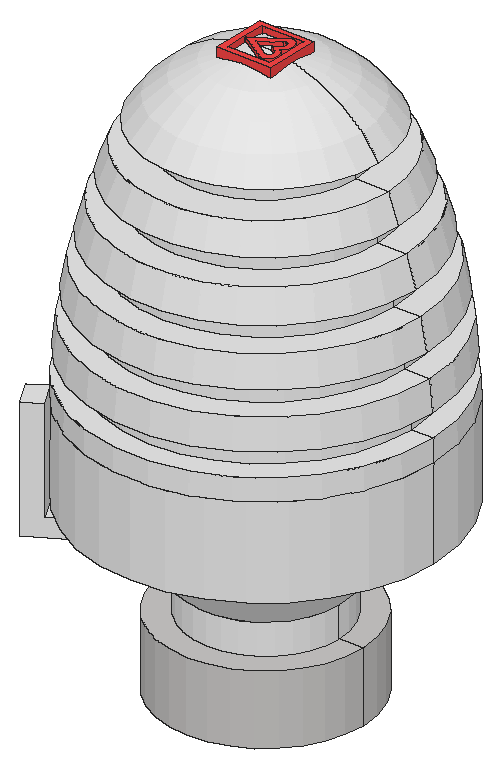
Revit family "HERZ-Design-Thermostatic Sensor M28x1.5 9230", category Rohrzubehör, Revit 2019
Family settings
  Bemaßung runder Anschluss = Durchmesser verwenden
  Teiletyp = Normal
  OmniClass-Nummer = 23.65.55.14
  OmniClass-Titel = Valves for Liquid Services
  Arbeitsebenenbasiert = Nein
  Immer vertikal = Nein
  Beim Laden mit Abzugskörper schneiden = Nein
  Gemeinsam genutzt = Nein
Parameters
  URL = "www.herzvalves.com"
  Part number = 1923006  # constant formula
  Operation = "The HERZ thermostat serves as a room temperature sensing and control unit.\r\nThe change in volume of the liquid contained in the hydrosensor actuates the valve spindle."
  Model = "Radiator Thermostat With Hydrosensor (liquid filled)\r\nWith shutoff (0) postion, adjustable frost release, limitation and locking of selected temperature range, handwheel white."
  Frost protection setpoint range = "6-30°C"  # constant formula
  Set value range = "0-30°C"  # constant formula
  S02 = 60.000 mm  # constant formula
  S01 = 90.000 mm  # constant formula
  Hersteller = "HERZ Armaturen Ges.m.b.H."  # constant formula
  Hand wheel = "plastic, white"  # constant formula
  Frost protection = 6 °C  # constant formula
  Application = "Suitable for mounting on all HERZ thermostatic valves."
Reference planes
  plane 1 "Mitte (Vorne/hinten)": y = 0
  plane 2: z = 0
  plane 3 "Mitte (Links/rechts)": x = 0
Forms (mm)
  Revolve 1, solid, material "Kunststoff weiß", detail levels fine
    sketch origin (0, 0, 0) x (1, 0, 0) y (0, 0, 1)
      loop
        line (0, 0) -> (0, 90)
        arc (0, 90) -> (-10.767, 87.197) -> (-18.8, 79.5) r 22.08
        arc (-18.8, 79.5) -> (-25.672, 59.356) -> (-28, 38.2) r 97.301
        line (-28, 38.2) -> (-28, 23.2) -> (-23.25, 23.2) -> (-23.25, 20.5) -> (-20.4, 20.5) -> (-20.4, 19.7) -> (-12.2, 11.5) -> (-12.2, 4.8) -> (-13.2, 4.8) -> (-13.2, 0) -> (0, 0)
      axis (0, 90) -> (0, 0)
    angle from 0 to 360
  Extrusion 2, solid, material "Kunststoff weiß", detail levels fine
    sketch origin (0, 0, 0) x (0.866025, 0.5, 0) y (0, 0, 1)
      loop
        line (-28.5, 36.04) -> (-31.75, 36.04) -> (-31.75, 16.2) -> (-20.85, 16.2) -> (-20.85, 20.5) -> (-23.25, 20.5) -> (-23.25, 21.5) -> (-24.578, 19.2) -> (-28.5, 19.2) -> (-28.5, 36.04)
    from 2.5 to -2.5
  Extrusion 3, solid, material "Kunststoff weiß", detail levels fine
    sketch origin (0, 0, 0) x (0, 1, 0) y (0, 0, 1)
      loop
        arc (0.75, 19.2) -> (1.987, 19.713) -> (2.5, 20.95) r 1.75
        line (2.5, 20.95) -> (2.5, 32.2) -> (-2.5, 32.2) -> (-2.5, 20.95)
        arc (-2.5, 20.95) -> (-1.987, 19.713) -> (-0.75, 19.2) r 1.75
        line (-0.75, 19.2) -> (0.75, 19.2)
    from 0 to -31.5
  Revolve 4, solid, material "Messing verzinkt", detail levels fine
    sketch origin (0, 0, 0) x (1, 0, 0) y (0, 0, 1)
      loop
        line (0, 0) -> (0, 6.5) -> (-16.25, 6.5) -> (-16.25, -5) -> (-14, -5) -> (-14, 0) -> (0, 0)
      axis (0, 6.5) -> (0, -5)
    angle from 0 to 360
  Revolve 5, void
    sketch origin (0, 0, 0) x (1, 0, 0) y (0, 0, 1)
      loop
        arc (-18.8, 79.5) -> (-19.64, 77.659) -> (-20.442, 75.8) r 97.301
        line (-20.442, 75.8) -> (-14.951, 75.8) -> (-14.951, 79.5) -> (-18.8, 79.5)
      loop
        line (-27.933, 41.8) -> (-24.226, 41.8) -> (-24.226, 45.5) -> (-27.726, 45.5)
        arc (-27.726, 45.5) -> (-27.847, 43.651) -> (-27.933, 41.8) r 97.301
      loop
        arc (-22.197, 71.3) -> (-22.843, 69.456) -> (-23.452, 67.6) r 97.301
        line (-23.452, 67.6) -> (-18.697, 67.6) -> (-18.697, 71.3) -> (-22.197, 71.3)
      loop
        arc (-24.865, 62.7) -> (-25.326, 60.854) -> (-25.751, 59) r 97.301
        line (-25.751, 59) -> (-21.365, 59) -> (-21.365, 62.7) -> (-24.865, 62.7)
      loop
        arc (-26.692, 54.1) -> (-26.98, 52.253) -> (-27.232, 50.4) r 97.301
        line (-27.232, 50.4) -> (-23.192, 50.4) -> (-23.192, 54.1) -> (-26.692, 54.1)
      axis (0, 79.5) -> (0, 41.8)
    angle from 0 to 360
Cuts and joins
  Revolve 5 cuts Revolve 1
Lines and regions (mm)
  model lines, detail levels coarse+medium
    curve 1: line (0, 0, 0) -> (0, 0, 30)
    curve 2: line (0, 0, 0) -> (30, 0, 0)
    curve 3: circle (0, 0, 60) r 30 normal (0, -1, 0)
    curve 4: circle (0, 0, 60) r 30 normal (1, 0, 0)
    curve 5: line (0, 0, 40) -> (0, 0, 80)
    curve 6: line (0, 17.5, 80) -> (0, -17.5, 80)
    curve 7: line (0, 0, 40) -> (0, 0, 80)
    curve 8: line (-17.5, 0, 80) -> (17.5, 0, 80)
    curve 9: circle (60, 0, 0) r 30 normal (0, 0, 1)
    curve 10: line (40, 0, 0) -> (80, 0, 0)
    curve 11: line (80, 17.5, 0) -> (80, -17.5, 0)
Dimensions and locks
  nested 1 to plane 2 = 89.000 mm
  "S01": curve 4 to plane 2
  "S01": curve 3 to plane 2
  "S01": plane 3 "Mitte (Links/rechts)" to curve 9
  "S02": diameter of curve 3
  "S02": diameter of curve 4
  "S02": diameter of curve 9
  aligned and locked: level to plane 2
Automatic sketch dimensions
  Revolve 1 sketch curve to level = 0.000 mm
  Revolve 1 sketch curve to plane 3 "Mitte (Links/rechts)" = 0.000 mm  (x2)
  Revolve 1 sketch curve to plane 3 "Mitte (Links/rechts)" = 12.200 mm
  Revolve 1 sketch curve to Revolve 1 sketch curve = 1.000 mm
  Revolve 1 sketch curve to Revolve 1 sketch curve = 8.200 mm  (x2)
  Revolve 1 sketch curve to Revolve 1 sketch curve = 2.850 mm
  Revolve 1 sketch curve to Revolve 1 sketch curve = 4.750 mm
  plane 3 "Mitte (Links/rechts)" to Revolve 1 sketch curve = 69.301 mm
  level to Revolve 1 sketch curve = 4.800 mm
  Revolve 1 sketch curve to Revolve 1 sketch curve = 6.700 mm
  Revolve 1 sketch curve to Revolve 1 sketch curve = 0.800 mm
  Revolve 1 sketch curve to Revolve 1 sketch curve = 2.700 mm
  Revolve 1 sketch curve to Revolve 1 sketch curve = 15.000 mm
  Revolve 1 sketch curve to Revolve 1 sketch curve = 29.720 mm
  Revolve 1 sketch curve to Revolve 1 sketch curve = 22.080 mm
  Revolve 1 sketch curve to level = 366.045 mm
  Revolve 1 sketch curve to Revolve 1 sketch curve = 0.000 mm
  level to Extrusion 2 sketch curve = 36.040 mm
  Extrusion 2 sketch curve to Extrusion 2 sketch curve = 3.250 mm
  Extrusion 2 sketch curve to Extrusion 2 sketch curve = 3.922 mm
  level to Extrusion 2 sketch curve = 21.500 mm
  Extrusion 2 sketch curve to Extrusion 2 sketch curve = 1.328 mm
  Extrusion 2 sketch curve to Extrusion 2 sketch curve = 3.728 mm
  Extrusion 2 sketch curve to Extrusion 2 sketch curve = 1.000 mm
  Extrusion 2 sketch curve to Extrusion 2 sketch curve = 1.300 mm
  Extrusion 2 sketch curve to Extrusion 2 sketch curve = 3.000 mm
  plane 1 "Mitte (Vorne/hinten)" to Extrusion 3 sketch curve = 2.500 mm
  plane 1 "Mitte (Vorne/hinten)" to Extrusion 3 sketch curve = 0.750 mm
  Extrusion 3 sketch curve to plane 1 "Mitte (Vorne/hinten)" = 0.750 mm
  Extrusion 3 sketch curve to plane 1 "Mitte (Vorne/hinten)" = 2.500 mm
  level to Extrusion 3 sketch curve = 19.200 mm
  Extrusion 3 sketch curve to Extrusion 3 sketch curve = 11.250 mm
  Revolve 4 sketch curve to level = 0.000 mm
  Revolve 4 sketch curve to plane 3 "Mitte (Links/rechts)" = 0.000 mm  (x2)
  Revolve 4 sketch curve to level = 5.000 mm
  Revolve 4 sketch curve to plane 3 "Mitte (Links/rechts)" = 14.000 mm
  Revolve 4 sketch curve to Revolve 4 sketch curve = 2.250 mm
  level to Revolve 4 sketch curve = 6.500 mm
  Revolve 4 sketch curve to Revolve 4 sketch curve = 361.045 mm
  Revolve 4 sketch curve to Revolve 4 sketch curve = 2207.815 mm
  Revolve 5 sketch curve to Revolve 5 sketch curve = 0.000 mm  (x20)
  Revolve 5 sketch curve to plane 3 "Mitte (Links/rechts)" = 0.000 mm
  Revolve 5 sketch curve to plane 3 "Mitte (Links/rechts)" = 14.951 mm
  Revolve 5 sketch curve to Revolve 5 sketch curve = 3.746 mm
  Revolve 5 sketch curve to Revolve 5 sketch curve = 3.849 mm
  Revolve 5 sketch curve to Revolve 5 sketch curve = 1.642 mm
  Revolve 5 sketch curve to Revolve 5 sketch curve = 2.668 mm
  Revolve 5 sketch curve to Revolve 5 sketch curve = 3.500 mm  (x4)
  Revolve 5 sketch curve to Revolve 5 sketch curve = 1.827 mm
  Revolve 5 sketch curve to Revolve 5 sketch curve = 1.255 mm
  Revolve 5 sketch curve to Revolve 5 sketch curve = 1.034 mm
  Revolve 5 sketch curve to Revolve 5 sketch curve = 0.886 mm
  Revolve 5 sketch curve to Revolve 5 sketch curve = 0.540 mm
  Revolve 5 sketch curve to Revolve 5 sketch curve = 0.208 mm
  level to Revolve 5 sketch curve = 38.200 mm
  plane 3 "Mitte (Links/rechts)" to Revolve 5 sketch curve = 69.301 mm
  level to Revolve 5 sketch curve = 41.800 mm
  Revolve 5 sketch curve to Revolve 5 sketch curve = 4.900 mm  (x3)
  Revolve 5 sketch curve to Revolve 5 sketch curve = 4.500 mm
  Revolve 5 sketch curve to level = 366.045 mm
  Revolve 5 sketch curve to Revolve 5 sketch curve = 2134.815 mm
  curve 5 to plane 1 "Mitte (Vorne/hinten)" = 0.000 mm
  curve 4 to plane 1 "Mitte (Vorne/hinten)" = 0.000 mm
  plane 1 "Mitte (Vorne/hinten)" to curve 6 = 17.500 mm
  curve 5 to curve 6 = 17.500 mm
  curve 5 to curve 4 = 20.000 mm
  curve 4 to curve 6 = 20.000 mm
  curve 3 to plane 3 "Mitte (Links/rechts)" = 0.000 mm
  curve 7 to plane 3 "Mitte (Links/rechts)" = 0.000 mm
  curve 1 to plane 3 "Mitte (Links/rechts)" = 0.000 mm
  curve 1 to level = 0.000 mm
  curve 8 to curve 7 = 17.500 mm
  plane 3 "Mitte (Links/rechts)" to curve 8 = 17.500 mm
  curve 1 to curve 7 = 10.000 mm
  curve 3 to curve 8 = 20.000 mm
  plane 1 "Mitte (Vorne/hinten)" to curve 2 = 0.000 mm
  curve 2 to plane 3 "Mitte (Links/rechts)" = 0.000 mm
  plane 1 "Mitte (Vorne/hinten)" to curve 10 = 0.000 mm
  plane 1 "Mitte (Vorne/hinten)" to curve 9 = 0.000 mm
  curve 2 to curve 10 = 10.000 mm
  curve 9 to curve 11 = 20.000 mm
  curve 11 to curve 10 = 17.500 mm
  curve 11 to plane 1 "Mitte (Vorne/hinten)" = 17.500 mm
Nested families
  nested 1: "Herz-Logo" at (0, 0, 89) x (0, -1, 0) z (0, 0, 1), type "Herz-Logo", detail levels fine
Definition of nested family "Herz-Logo"
  Reference planes
    plane 1 "Mitte (Vorne/hinten)": y = 0
    plane 2: z = 0
    plane 3 "Mitte (Links/rechts)": x = 0
  Forms (mm)
    Extrusion 1, solid
      sketch origin (0, 0, 0) x (1, 0, 0) y (0, 1, 0)
        loop
          line (-0.018, -4.517) -> (4.482, -4.517) -> (4.482, 4.483) -> (-4.518, 4.483) -> (-4.518, -4.517) -> (-0.018, -4.517)
        loop
          line (-0.05, -3.48) -> (3.482, -3.48) -> (3.482, 3.483) -> (-3.518, 3.483) -> (-3.518, -3.48) -> (-0.05, -3.48)
        loop
          arc (-0.018, 2.383) -> (-1.543, 3.287) -> (-3.067, 2.383) r 1.738
          arc (-3.067, 2.383) -> (-3.191, 1.899) -> (-3.067, 1.415) r 1.009
          line (-3.067, 1.415) -> (-0.018, -3.281) -> (3.032, 1.415)
          arc (3.032, 1.415) -> (3.156, 1.899) -> (3.032, 2.383) r 1.009
          arc (3.032, 2.383) -> (1.507, 3.287) -> (-0.018, 2.383) r 1.738
        loop
          arc (1.885, 1.272) -> (2.005, 1.675) -> (1.885, 2.079) r 0.74
          arc (1.885, 2.079) -> (1.265, 2.416) -> (0.644, 2.079) r 0.74
          line (0.644, 2.079) -> (-0.018, 0.97) -> (-0.679, 2.079)
          arc (-0.679, 2.079) -> (-1.3, 2.416) -> (-1.921, 2.079) r 0.74
          arc (-1.921, 2.079) -> (-2.04, 1.675) -> (-1.921, 1.272) r 0.74
          line (-1.921, 1.272) -> (-0.018, -1.658) -> (1.885, 1.272)
      from 0 to 1.5
  Dimensions and locks
    aligned and locked: level to plane 2
